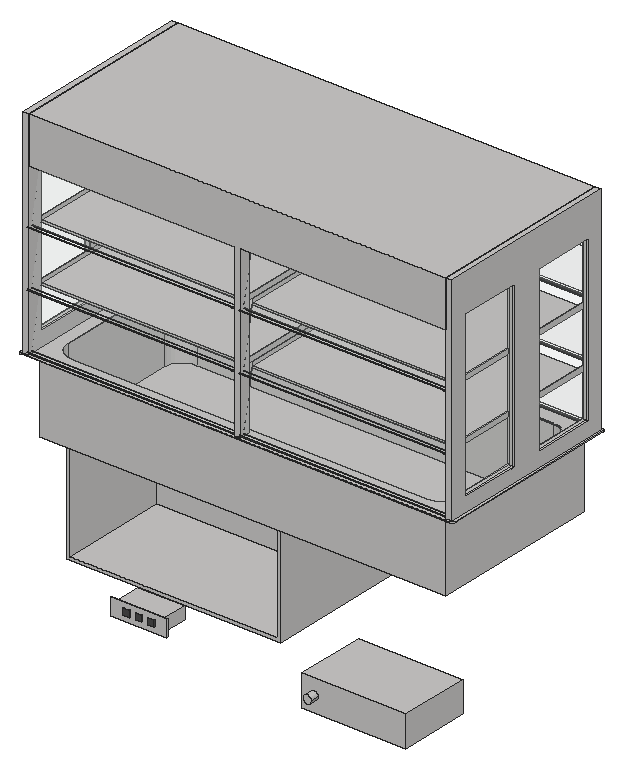
Revit family "QF_ELECTROLUXPROFESSIONAL_341078_D19C4", category Specialty Equipment, Revit 2018
Family settings
  Round Connector Dimension = Use Diameter
  Part Type = Normal
  Work Plane-Based = No
  Always vertical = Yes
  Cut with Voids When Loaded = No
  Shared = No
  Room Calculation Point = No
Parameters (values of type "341078.rfa")
  Weight = 0.00 kg
  Watts = 0 W
  Volts = 0 V
  URL Manufacturer = ""
  URL = ""
  Steam Supply Size = 0 mm
  Steam Supply Minimum Pressure = 0.0 Pa
  Steam Supply Maximum Pressure = 0.0 Pa
  Steam Pounds per Hour = 0
  Show Clearance [instance] = yes
  Remote Electrical Box_Z [instance] = 200.00 mm
  Remote Electrical Box_Y [instance] = 500.00 mm
  Remote Electrical Box_X [instance] = 1000.00 mm
  Refrigeration Suction Line Size = 0 mm
  Refrigeration Liquid Line Size = 0 mm
  Refrigerant Compressor Remote = yes
  Manufacturer = ""
  Phase = 0
  Model = ""
  Length Actual = 1420.00 mm  # constant formula
  Item Number = ""
  Hot Water Size = 0 mm
  Height Actual = 1230.00 mm  # constant formula
  HP = "0 HP"
  Gas Size = 0 mm
  Gas KW = 0
  Gas Input Pressure = 0 W
  Direct Waste Size = 25.4 mm
  Description = ""
  Depth Actual = 620.00 mm  # constant formula
  Cycle = 0 Hz
  Controller_Y [instance] = 500.00 mm
  Controller_1Z [instance] = 200.00 mm
  Controller_1X [instance] = 300.00 mm
  Condensate Return Size = 0 mm
  Compressed Air Volume = 0.0 L/s
  Compressed Air Size = 0 mm
  Compressed Air Pressure = 0.0 Pa
  Cold Water Size = 0 mm
  Accessory = yes
Types (2, lengths in mm): name | Volts | URL Manufacturer | URL | Manufacturer | Phase | Model | Item Number | Description | Cycle
  341078.rfa | 0 V | "" | "" | "" | 0 | "" | "" | "" | 0 Hz
  Standard | 220 V | "http://professional.electrolux.com" | "http://professional.electrolux.com" | "Electrolux Professional" | 1 | "D19C4" | "341078" | "DROP-IN REFRIGERATED WELL WITH REFRIGERATED DISPLAY, COMPACT 4GN" | 50 Hz
Reference planes
  plane 1 "Centro (Fronte/Retro)": y = 74.737
  plane 2: z = 0
  plane 3 "BACK": y = 384.737
  plane 4 "FRONT": y = -235.263
  plane 5 "RIGHT": x = 195.731
  plane 6 "LEFT": x = -1224.269
  plane 7: x = -514.269
  plane 8 "TOP": z = 900
  plane 9: y = 354.737
  plane 10: y = -205.263
  plane 11: x = 148.531
  plane 12: x = -1177.069
  plane 13: y = 329.737
  plane 14: y = -180.263
  plane 15: x = -1154.269
  plane 16: x = 125.731
  plane 17: z = 898
  plane 18: z = 657
  plane 19: z = 660
  plane 20: z = 323
  plane 21: x = -354.269
  plane 22: y = 349.537
  plane 23: y = -200.063
  plane 24: x = -1099.269
  plane 25: x = -399.269
  plane 26: x = 50.731
  plane 27: y = 254.737
  plane 28 "1": y = 250.737
  plane 29: y = -195.263
  plane 30: y = 344.737
  plane 31: y = -115.263
  plane 32: y = -115.263
  plane 33: x = -924.269
  plane 34: x = -224.269
  plane 35: z = 200
  plane 36: z = 200
Forms (mm)
  Extrusion 1, solid, material "QF_Finishes_Stainless Steel"
    sketch origin (0, 0, 900) x (-1, 0, 0) y (0, -1, 0)
      loop
        line (-148.531, -354.737) -> (1177.069, -354.737) -> (1177.069, 205.263) -> (-148.531, 205.263) -> (-148.531, -354.737)
    from -2 to -243
  Extrusion 2, void
    sketch origin (0, 0, 900) x (-1, 0, 0) y (0, -1, 0)
      loop
        line (1154.269, -268.887) -> (1154.269, 119.413)
        arc (1154.269, 119.413) -> (1136.446, 162.44) -> (1093.419, 180.263) r 60.85
        line (1093.419, 180.263) -> (-69.731, 180.263)
        arc (-69.731, 180.263) -> (-109.329, 163.861) -> (-125.731, 124.263) r 56
        line (-125.731, 124.263) -> (-125.731, -273.737)
        arc (-125.731, -273.737) -> (-109.329, -313.335) -> (-69.731, -329.737) r 56
        line (-69.731, -329.737) -> (1093.419, -329.737)
        arc (1093.419, -329.737) -> (1136.446, -311.915) -> (1154.269, -268.887) r 60.85
    from 0 to -240
  Extrusion 3, solid, material "QF_Finishes_Stainless Steel"
    sketch origin (-613.539, -1058.533, 0) x (-1, 0, 0) y (0, 0, -1)
      loop
        line (485.73, -657) -> (485.73, -323) -> (-214.27, -323) -> (-214.27, -657) -> (-204.27, -657) -> (-204.27, -333) -> (475.73, -333) -> (475.73, -657) -> (485.73, -657)
    from -1403.27 to -863.27
  Extrusion 4, solid, material "QF_Finishes_Stainless Steel"
    sketch origin (232.311, 362.737, 0) x (0, -1, 0) y (0, 0, -1)
      loop
        line (204.2, -333) -> (84.2, -333) -> (84.2, -612) -> (204.2, -612) -> (204.2, -333)
    from -1319.58 to -643.58
  Extrusion 5, solid, material "QF_Finishes_Stainless Steel"
    sketch origin (0, 0, 900) x (-1, 0, 0) y (0, -1, 0)
      loop
        arc (1214.269, -384.737) -> (1221.34, -381.808) -> (1224.269, -374.737) r 10
        line (1224.269, -374.737) -> (1224.269, 225.263)
        arc (1224.269, 225.263) -> (1221.34, 232.334) -> (1214.269, 235.263) r 10
        line (1214.269, 235.263) -> (-185.731, 235.263)
        arc (-185.731, 235.263) -> (-192.802, 232.334) -> (-195.731, 225.263) r 10
        line (-195.731, 225.263) -> (-195.731, -374.737)
        arc (-195.731, -374.737) -> (-192.802, -381.808) -> (-185.731, -384.737) r 10
        line (-185.731, -384.737) -> (1214.269, -384.737)
      loop
        arc (1094.919, -329.737) -> (1136.885, -312.354) -> (1154.269, -270.387) r 59.35
        line (1154.269, -270.387) -> (1154.269, 120.913)
        arc (1154.269, 120.913) -> (1136.885, 162.88) -> (1094.919, 180.263) r 59.35
        line (1094.919, 180.263) -> (-69.731, 180.263)
        arc (-69.731, 180.263) -> (-109.329, 163.861) -> (-125.731, 124.263) r 56
        line (-125.731, 124.263) -> (-125.731, -273.737)
        arc (-125.731, -273.737) -> (-109.329, -313.335) -> (-69.731, -329.737) r 56
        line (-69.731, -329.737) -> (1094.919, -329.737)
    from 0 to -2
  Extrusion 6, solid, material "QF_Finishes_Stainless Steel"
    sketch origin (556.731, 362.737, 0) x (0, -1, 0) y (0, 0, -1)
      loop
        line (591.5, -1605) -> (591.5, -900) -> (-15.5, -900) -> (-15.5, -1605) -> (591.5, -1605)
      loop
        line (541.5, -1482.5) -> (541.5, -948) -> (338, -948) -> (338, -1482.5) -> (541.5, -1482.5)
      loop
        line (34.5, -948) -> (34.5, -1482.5) -> (238, -1482.5) -> (238, -948) -> (34.5, -948)
    from -389.5 to -369.5
  Extrusion 7, solid, material "QF_Finishes_Stainless Steel"
    sketch origin (-1585.269, 362.737, 0) x (0, -1, 0) y (0, 0, 1)
      loop
        line (591.5, 1605) -> (-15.5, 1605) -> (-15.5, 900) -> (591.5, 900) -> (591.5, 1605)
      loop
        line (541.5, 1482.5) -> (338, 1482.5) -> (338, 948) -> (541.5, 948) -> (541.5, 1482.5)
      loop
        line (34.5, 948) -> (238, 948) -> (238, 1482.5) -> (34.5, 1482.5) -> (34.5, 948)
    from -389.5 to -369.5
  Extrusion 8, solid, material "QF_Finishes_Stainless Steel"
    sketch origin (374.924, -231.263, 456) x (0, 0, 1) y (-1, 0, 0)
      loop
        line (1146.5, 1570.693) -> (996.5, 1570.693) -> (996.5, 207.693) -> (1146.5, 207.693) -> (1146.5, 1570.693)
    from -2.5 to -26
  Extrusion 9, solid, material "QF_Finishes_Stainless Steel"
    sketch origin (374.924, 380.737, 456) x (0, 0, 1) y (1, 0, 0)
      loop
        line (1146.5, -1570.693) -> (1146.5, -207.693) -> (996.5, -207.693) -> (996.5, -1570.693) -> (1146.5, -1570.693)
    from -2.5 to -26
  Extrusion 10, solid, material "QF_Finishes_Stainless Steel"
    sketch origin (556.731, -228.763, 1605) x (0, 1, 0) y (-1, 0, 0)
      loop
        line (0, 389.5) -> (607, 389.5) -> (607, 1752.5) -> (0, 1752.5) -> (0, 389.5)
    from 0 to -19.383
  Extrusion 11, solid, material "QF_Finishes_Stainless Steel"
    sketch origin (374.924, -231.263, 456) x (0, 0, 1) y (-1, 0, 0)
      loop
        line (812.34, 1570.693) -> (792.34, 1570.693) -> (792.34, 207.693) -> (812.34, 207.693) -> (812.34, 1570.693)
    from -326 to -286
  Extrusion 12, solid, material "QF_Finishes_Stainless Steel"
    sketch origin (374.924, -231.263, 271.84) x (0, 0, 1) y (-1, 0, 0)
      loop
        line (812.34, 1570.693) -> (792.34, 1570.693) -> (792.34, 207.693) -> (812.34, 207.693) -> (812.34, 1570.693)
    from -326 to -286
  Extrusion 13, solid, material "QF_Finishes_Glass"
    sketch origin (187.231, 362.737, 0) x (0, -1, 0) y (0, 0, -1)
      loop
        line (598, -907.281) -> (593, -902.281)
        arc (593, -902.281) -> (585.39, -900.348) -> (580.06, -906.114) r 7.678
        line (580.06, -906.114) -> (542.211, -1084.18) -> (545.278, -1084.18) -> (582.994, -906.737)
        arc (582.994, -906.737) -> (586.242, -903.224) -> (590.878, -904.402) r 4.678
        line (590.878, -904.402) -> (595.879, -909.402) -> (598, -907.281)
    from -691.5 to -20
  Extrusion 14, solid, material "QF_Finishes_Glass"
    sketch origin (187.231, 362.737, 184.148) x (0, -1, 0) y (0, 0, -1)
      loop
        line (598, -907.281) -> (593, -902.281)
        arc (593, -902.281) -> (585.39, -900.348) -> (580.06, -906.114) r 7.678
        line (580.06, -906.114) -> (542.211, -1084.18) -> (545.278, -1084.18) -> (582.994, -906.737)
        arc (582.994, -906.737) -> (586.242, -903.224) -> (590.878, -904.402) r 4.678
        line (590.878, -904.402) -> (595.879, -909.402) -> (598, -907.281)
    from -691.5 to -20
  Extrusion 15, solid, material "QF_Finishes_Glass"
    sketch origin (187.231, 362.737, 368.308) x (0, -1, 0) y (0, 0, -1)
      loop
        line (598, -907.281) -> (593, -902.281)
        arc (593, -902.281) -> (585.39, -900.348) -> (580.06, -906.114) r 7.678
        line (580.06, -906.114) -> (542.211, -1084.18) -> (545.278, -1084.18) -> (582.994, -906.737)
        arc (582.994, -906.737) -> (586.242, -903.224) -> (590.878, -904.402) r 4.678
        line (590.878, -904.402) -> (595.879, -909.402) -> (598, -907.281)
    from -691.5 to -20
  Extrusion 16, solid, material "QF_Finishes_Glass"
    sketch origin (187.231, -213.263, 0) x (0, 1, 0) y (0, 0, 1)
      loop
        line (598, 907.281) -> (595.879, 909.402) -> (590.878, 904.402)
        arc (590.878, 904.402) -> (586.242, 903.224) -> (582.994, 906.737) r 4.678
        line (582.994, 906.737) -> (545.278, 1084.18) -> (542.211, 1084.18) -> (580.06, 906.114)
        arc (580.06, 906.114) -> (585.39, 900.348) -> (593, 902.281) r 7.678
        line (593, 902.281) -> (598, 907.281)
    from -691.5 to -20
  Extrusion 17, solid, material "QF_Finishes_Glass"
    sketch origin (187.231, -213.263, 184.148) x (0, 1, 0) y (0, 0, 1)
      loop
        line (598, 907.281) -> (595.879, 909.402) -> (590.878, 904.402)
        arc (590.878, 904.402) -> (586.242, 903.224) -> (582.994, 906.737) r 4.678
        line (582.994, 906.737) -> (545.278, 1084.18) -> (542.211, 1084.18) -> (580.06, 906.114)
        arc (580.06, 906.114) -> (585.39, 900.348) -> (593, 902.281) r 7.678
        line (593, 902.281) -> (598, 907.281)
    from -691.5 to -20
  Extrusion 18, solid, material "QF_Finishes_Glass"
    sketch origin (187.231, -213.263, 368.308) x (0, 1, 0) y (0, 0, 1)
      loop
        line (598, 909.781) -> (595.879, 911.902) -> (590.878, 906.902)
        arc (590.878, 906.902) -> (586.242, 905.724) -> (582.994, 909.237) r 4.678
        line (582.994, 909.237) -> (545.278, 1084.18) -> (542.211, 1084.18) -> (580.06, 908.614)
        arc (580.06, 908.614) -> (585.39, 902.848) -> (593, 904.781) r 7.678
        line (593, 904.781) -> (598, 909.781)
    from -691.5 to -20
  Extrusion 19, solid, material "QF_Finishes_Stainless Steel"
    sketch origin (0, -6.5, 900) x (-1, 0, 0) y (0, -1, 0)
      loop
        line (524.269, -384.737) -> (524.269, -349.537) -> (504.269, -349.537) -> (504.269, -384.737) -> (524.269, -384.737)
    from 0 to 683.117
  Extrusion 20, solid, material "QF_Finishes_Glass"
    sketch origin (-1077.576, 362.737, 0) x (0, -1, 0) y (0, 0, 1)
      loop
        line (598, 907.281) -> (595.879, 909.402) -> (590.878, 904.402)
        arc (590.878, 904.402) -> (586.242, 903.224) -> (582.994, 906.737) r 4.678
        line (582.994, 906.737) -> (545.278, 1084.18) -> (542.211, 1084.18) -> (580.06, 906.114)
        arc (580.06, 906.114) -> (585.39, 900.348) -> (593, 902.281) r 7.678
        line (593, 902.281) -> (598, 907.281)
    from -553.307 to 118.193
  Extrusion 21, solid, material "QF_Finishes_Glass"
    sketch origin (-1077.576, 362.737, 184.148) x (0, -1, 0) y (0, 0, 1)
      loop
        line (598, 907.281) -> (595.879, 909.402) -> (590.878, 904.402)
        arc (590.878, 904.402) -> (586.242, 903.224) -> (582.994, 906.737) r 4.678
        line (582.994, 906.737) -> (545.278, 1084.18) -> (542.211, 1084.18) -> (580.06, 906.114)
        arc (580.06, 906.114) -> (585.39, 900.348) -> (593, 902.281) r 7.678
        line (593, 902.281) -> (598, 907.281)
    from -553.307 to 118.193
  Extrusion 22, solid, material "QF_Finishes_Glass"
    sketch origin (-1077.576, 362.737, 368.308) x (0, -1, 0) y (0, 0, 1)
      loop
        line (598, 907.281) -> (595.879, 909.402) -> (590.878, 904.402)
        arc (590.878, 904.402) -> (586.242, 903.224) -> (582.994, 906.737) r 4.678
        line (582.994, 906.737) -> (545.278, 1084.18) -> (542.211, 1084.18) -> (580.06, 906.114)
        arc (580.06, 906.114) -> (585.39, 900.348) -> (593, 902.281) r 7.678
        line (593, 902.281) -> (598, 907.281)
    from -553.307 to 118.193
  Extrusion 23, solid, material "QF_Finishes_Glass"
    sketch origin (-1077.576, -213.263, 0) x (0, 1, 0) y (0, 0, -1)
      loop
        line (598, -907.281) -> (593, -902.281)
        arc (593, -902.281) -> (585.39, -900.348) -> (580.06, -906.114) r 7.678
        line (580.06, -906.114) -> (542.211, -1084.18) -> (545.278, -1084.18) -> (582.994, -906.737)
        arc (582.994, -906.737) -> (586.242, -903.224) -> (590.878, -904.402) r 4.678
        line (590.878, -904.402) -> (595.879, -909.402) -> (598, -907.281)
    from -553.307 to 118.193
  Extrusion 24, solid, material "QF_Finishes_Glass"
    sketch origin (-1077.576, -213.263, 184.148) x (0, 1, 0) y (0, 0, -1)
      loop
        line (598, -907.281) -> (593, -902.281)
        arc (593, -902.281) -> (585.39, -900.348) -> (580.06, -906.114) r 7.678
        line (580.06, -906.114) -> (542.211, -1084.18) -> (545.278, -1084.18) -> (582.994, -906.737)
        arc (582.994, -906.737) -> (586.242, -903.224) -> (590.878, -904.402) r 4.678
        line (590.878, -904.402) -> (595.879, -909.402) -> (598, -907.281)
    from -553.307 to 118.193
  Extrusion 25, solid, material "QF_Finishes_Glass"
    sketch origin (-1077.576, -213.263, 368.308) x (0, 1, 0) y (0, 0, -1)
      loop
        line (598, -907.281) -> (593, -902.281)
        arc (593, -902.281) -> (585.39, -900.348) -> (580.06, -906.114) r 7.678
        line (580.06, -906.114) -> (542.211, -1084.18) -> (545.278, -1084.18) -> (582.994, -906.737)
        arc (582.994, -906.737) -> (586.242, -903.224) -> (590.878, -904.402) r 4.678
        line (590.878, -904.402) -> (595.879, -909.402) -> (598, -907.281)
    from -553.307 to 118.193
  Extrusion 26, solid, material "QF_Finishes_Stainless Steel"
    sketch origin (0, 155.974, 900) x (-1, 0, 0) y (0, -1, 0)
      loop
        line (524.269, 384.737) -> (504.269, 384.737) -> (504.269, 349.537) -> (524.269, 349.537) -> (524.269, 384.737)
    from 0 to 683.117
  Sweep 27, solid, material "QF_Finishes_Stainless Steel"
    path origin (-241, 250.737, 0) x (-1, 0, 0) y (0, 0, 1)
      loop
        line (-50.731, 657) -> (-50.731, 627) -> (-98.731, 627)
    profile origin (-190.269, 250.737, 642) x (0, 1, 0) y (-1, 0, 0)
      loop
        circle (0, 0) r 18
  Extrusion 28, solid, material "QF_Finishes_Glass"
    sketch origin (182.231, 362.737, 0) x (0, -1, 0) y (0, 0, -1)
      loop
        line (541.5, -1482.5) -> (541.5, -948) -> (338, -948) -> (338, -1482.5) -> (541.5, -1482.5)
      loop
        line (238, -1482.5) -> (238, -948) -> (34.5, -948) -> (34.5, -1482.5) -> (238, -1482.5)
    from 0 to -10
  Extrusion 29, solid, material "QF_Finishes_Glass"
    sketch origin (-1210.769, 362.737, 0) x (0, -1, 0) y (0, 0, 1)
      loop
        line (541.5, 1482.5) -> (338, 1482.5) -> (338, 948) -> (541.5, 948) -> (541.5, 1482.5)
      loop
        line (238, 1482.5) -> (34.5, 1482.5) -> (34.5, 948) -> (238, 948) -> (238, 1482.5)
    from 0 to -10
  Extrusion 30, solid, material "QF_Finishes_Stainless Steel"
    sketch origin (-1546.256, -231.263, 456) x (0, 0, 1) y (-1, 0, 0)
      loop
        line (812.34, -350.488) -> (812.34, -1021.988) -> (829.184, -1021.988) -> (829.184, -1019.5) -> (817.34, -1019.5) -> (817.34, -352.981) -> (829.172, -352.981) -> (829.172, -350.488) -> (812.34, -350.488)
    from -561 to -51
  Extrusion 31, solid, material "QF_Finishes_Stainless Steel"
    sketch origin (-1546.256, -231.263, 271.852) x (0, 0, 1) y (-1, 0, 0)
      loop
        line (812.34, -350.488) -> (812.34, -1021.988) -> (829.184, -1021.988) -> (829.184, -1019.5) -> (817.34, -1019.5) -> (817.34, -352.981) -> (829.172, -352.981) -> (829.172, -350.488) -> (812.34, -350.488)
    from -561 to -51
  Extrusion 32, solid, material "QF_Finishes_Stainless Steel"
    sketch origin (517.719, -231.263, 456) x (0, 0, 1) y (-1, 0, 0)
      loop
        line (812.34, 350.488) -> (829.172, 350.488) -> (829.172, 352.981) -> (817.34, 352.981) -> (817.34, 1019.5) -> (829.184, 1019.5) -> (829.184, 1021.988) -> (812.34, 1021.988) -> (812.34, 350.488)
    from -561 to -51
  Extrusion 33, solid, material "QF_Finishes_Stainless Steel"
    sketch origin (517.719, -231.263, 271.852) x (0, 0, 1) y (-1, 0, 0)
      loop
        line (812.34, 350.488) -> (829.172, 350.488) -> (829.172, 352.981) -> (817.34, 352.981) -> (817.34, 1019.5) -> (829.184, 1019.5) -> (829.184, 1021.988) -> (812.34, 1021.988) -> (812.34, 350.488)
    from -561 to -51
Cuts and joins
  Extrusion 2 cuts Extrusion 1
  joined: Extrusion 8, Extrusion 9, Extrusion 10, Extrusion 19, Extrusion 26
Lines and regions (mm)
  symbolic lines
    curve 1: line (185.731, 384.737, 900) -> (-1214.269, 384.737, 900)
    curve 2: arc (-1214.269, 384.737, 900) -> (-1221.34, 381.808, 900) -> (-1224.269, 374.737, 900) r 10
    curve 3: line (-1224.269, 374.737, 900) -> (-1224.269, -225.263, 900)
    curve 4: arc (-1224.269, -225.263, 900) -> (-1221.34, -232.334, 900) -> (-1214.269, -235.263, 900) r 10
    curve 5: line (-1214.269, -235.263, 900) -> (185.731, -235.263, 900)
    curve 6: arc (185.731, -235.263, 900) -> (192.802, -232.334, 900) -> (195.731, -225.263, 900) r 10
    curve 7: line (195.731, -225.263, 900) -> (195.731, 374.737, 900)
    curve 8: arc (195.731, 374.737, 900) -> (192.802, 381.808, 900) -> (185.731, 384.737, 900) r 10
    curve 9: line (-1215.769, 378.237, 900) -> (-1195.769, 378.237, 900)
    curve 10: line (-1215.769, -228.763, 900) -> (-1215.769, 378.237, 900)
    curve 11: line (167.231, -228.763, 900) -> (-1215.769, -228.763, 900)
    curve 12: line (187.231, -228.763, 900) -> (167.231, -228.763, 900)
    curve 13: line (187.231, 378.237, 900) -> (187.231, -228.763, 900)
    curve 14: line (-1195.769, 378.237, 900) -> (187.231, 378.237, 900)
    curve 15: line (-1195.769, -228.763, 900) -> (-1195.769, 384.737, 900)
    curve 16: line (-1195.769, 382.616, 900) -> (-524.269, 382.616, 900)
    curve 17: line (-504.269, 382.616, 900) -> (167.231, 382.616, 900)
    curve 18: line (167.231, 378.237, 900) -> (167.231, 384.737, 900)
    curve 19: line (-524.269, 384.737, 900) -> (-524.269, 378.237, 900)
    curve 20: line (-504.269, 384.737, 900) -> (-504.269, 378.237, 900)
    curve 21: line (-1195.769, -228.763, 900) -> (-1195.769, -235.263, 900)
    curve 22: line (-1195.769, -233.142, 900) -> (-524.269, -233.142, 900)
    curve 23: line (-504.269, -233.142, 900) -> (167.231, -233.142, 900)
    curve 24: line (167.231, 378.237, 900) -> (167.231, -235.263, 900)
    curve 25: line (-524.269, -235.263, 900) -> (-524.269, -228.763, 900)
    curve 26: line (-504.269, -235.263, 900) -> (-504.269, -228.763, 900)
  symbolic lines, style "SpecialityEquipmentHiddenLines"
    curve 27: line (-1195.769, 124.737, 900) -> (-1215.769, 124.737, 900)
    curve 28: line (-1215.769, 24.737, 900) -> (-1195.769, 24.737, 900)
    curve 29: line (-1195.769, -178.763, 900) -> (-1215.769, -178.763, 900)
    curve 30: line (-1200.769, -178.763, 900) -> (-1200.769, 24.737, 900)
    curve 31: line (-1210.769, 24.737, 900) -> (-1210.769, -178.763, 900)
    curve 32: line (-1210.769, 328.237, 900) -> (-1210.769, 124.737, 900)
    curve 33: line (-1200.769, 124.737, 900) -> (-1200.769, 328.237, 900)
    curve 34: line (-1177.069, 354.737, 900) -> (-1177.069, -205.263, 900)
    curve 35: line (-1177.069, -205.263, 900) -> (148.531, -205.263, 900)
    curve 36: line (148.531, -205.263, 900) -> (148.531, 354.737, 900)
    curve 37: line (148.531, 354.737, 900) -> (-1177.069, 354.737, 900)
    curve 38: line (-399.269, -195.263, 900) -> (-399.269, 344.737, 900)
    curve 39: line (-399.269, 344.737, 900) -> (-1099.269, 344.737, 900)
    curve 40: line (-1099.269, 344.737, 900) -> (-1099.269, -195.263, 900)
    curve 41: line (-1099.269, -195.263, 900) -> (-399.269, -195.263, 900)
    curve 42: line (-1195.769, -228.763, 900) -> (167.231, -228.763, 900)
    curve 43: line (-504.269, -193.563, 900) -> (-524.269, -193.563, 900)
    curve 44: line (-504.269, -228.763, 900) -> (-504.269, -193.563, 900)
    curve 45: line (-1195.769, -228.763, 900) -> (167.231, -228.763, 900)
    curve 46: line (-524.269, 343.037, 900) -> (-504.269, 343.037, 900)
    curve 47: line (167.231, 378.237, 900) -> (-1195.769, 378.237, 900)
    curve 48: line (-504.269, 343.037, 900) -> (-504.269, 378.237, 900)
    curve 49: line (-524.269, 378.237, 900) -> (-524.269, 343.037, 900)
    curve 50: line (-524.269, -193.563, 900) -> (-524.269, -228.763, 900)
    curve 51: line (-504.269, -182.541, 900) -> (167.231, -182.541, 900)
    curve 52: line (-504.269, -179.474, 900) -> (167.231, -179.474, 900)
    curve 53: line (167.231, 328.948, 900) -> (-504.269, 328.948, 900)
    curve 54: line (167.231, 332.015, 900) -> (-504.269, 332.015, 900)
    curve 55: line (-1215.769, 328.237, 0) -> (-1195.769, 328.237, 0)
    curve 56: line (-504.269, 332.015, 0) -> (-504.269, 343.037, 0)
    curve 57: line (-1195.769, 328.948, 900) -> (-524.269, 328.948, 900)
    curve 58: line (-1195.769, 332.015, 900) -> (-524.269, 332.015, 900)
    curve 59: line (-524.269, 332.015, 0) -> (-524.269, 343.037, 0)
    curve 60: line (-504.269, 328.948, 0) -> (-504.269, -179.474, 0)
    curve 61: line (-524.269, 328.948, 0) -> (-524.269, -179.474, 0)
    curve 62: line (-504.269, -182.541, 0) -> (-504.269, -193.563, 0)
    curve 63: line (-524.269, -182.541, 900) -> (-1195.769, -182.541, 900)
    curve 64: line (-524.269, -179.474, 900) -> (-1195.769, -179.474, 900)
    curve 65: line (-524.269, -182.541, 0) -> (-524.269, -193.563, 0)
    curve 66: line (167.231, 124.737, 900) -> (187.231, 124.737, 900)
    curve 67: line (187.231, 24.737, 900) -> (167.231, 24.737, 900)
    curve 68: line (167.231, -178.763, 900) -> (187.231, -178.763, 900)
    curve 69: line (172.231, -178.763, 900) -> (172.231, 24.737, 900)
    curve 70: line (182.231, 24.737, 900) -> (182.231, -178.763, 900)
    curve 71: line (182.231, 328.237, 900) -> (182.231, 124.737, 900)
    curve 72: line (172.231, 124.737, 900) -> (172.231, 328.237, 900)
    curve 73: line (187.231, 328.237, 0) -> (167.231, 328.237, 0)
Dimensions and locks
  plane 6 "LEFT" to plane 5 "RIGHT" = 1420.00 mm
  equal spacing: plane 3 "BACK", plane 1 "Centro (Fronte/Retro)", plane 4 "FRONT"
  plane 3 "BACK" to plane 4 "FRONT" = 620.00 mm
  equal spacing: plane 6 "LEFT", plane 7, plane 5 "RIGHT"
  locked: plane 8 "TOP" to plane 2 at 900
  plane 6 "LEFT" to plane 12 = 47.20 mm
  plane 11 to plane 5 "RIGHT" = 47.20 mm
  locked: plane 3 "BACK" to plane 9 at 30
  locked: plane 10 to plane 4 "FRONT" at 30
  locked: plane 3 "BACK" to plane 13 at 55
  locked: plane 14 to plane 4 "FRONT" at 55
  locked: plane 6 "LEFT" to plane 15 at 70
  locked: plane 16 to plane 5 "RIGHT" at 70
  locked: plane 8 "TOP" to plane 17 at 2
  plane 8 "TOP" to plane 18 = 243.00 mm
  locked: plane 19 to plane 18 at 3
  plane 8 "TOP" to plane 20 = 577.00 mm
  plane 25 to plane 24 = 700.00 mm
  plane 26 to plane 5 "RIGHT" = 145.00 mm
  locked: plane 13 to plane 27 at 75
  locked: plane 24 to Extrusion 4 at 12
  locked: plane 25 to Extrusion 4 at 12
  plane 24 to plane 6 "LEFT" = 125.00 mm
  cut or joined group of Extrusion 8, Extrusion 9, Extrusion 10, Extrusion 19, Extrusion 26 to plane 8 "TOP" = 705.00 mm
  equal spacing: plane 29, plane 1 "Centro (Fronte/Retro)", plane 30
  plane 29 to plane 30 = 540.00 mm
  "Controller_1X": plane 6 "LEFT" to plane 33
  "Remote Electrical Box_X": plane 6 "LEFT" to plane 34
  "Remote Electrical Box_Y": plane 3 "BACK" to plane 32
  "Controller_Y": plane 3 "BACK" to plane 31
  "Controller_1Z": plane 35 to plane 2
  "Remote Electrical Box_Z": plane 36 to plane 2
  aligned and locked: level to plane 2
  aligned and locked: Extrusion 1 sketch curve to plane 9
  aligned and locked: plane 11 to Extrusion 1 sketch curve
  aligned and locked: Extrusion 1 sketch curve to plane 10
  aligned and locked: Extrusion 1 sketch curve to plane 12
  aligned and locked: Extrusion 1 to plane 18
  aligned and locked: Extrusion 2 to plane 19
  aligned and locked: plane 6 "LEFT" to Extrusion 5 sketch curve
  aligned and locked: Extrusion 5 sketch curve to plane 3 "BACK"
  aligned and locked: Extrusion 5 sketch curve to plane 5 "RIGHT"
  aligned and locked: plane 4 "FRONT" to Extrusion 5 sketch curve
  aligned and locked: Extrusion 5 sketch curve to plane 16
  aligned and locked: Extrusion 5 sketch curve to plane 13
  aligned and locked: plane 15 to Extrusion 5 sketch curve
  aligned and locked: Extrusion 5 sketch curve to plane 14
  aligned and locked: Extrusion 5 to plane 17
  aligned and locked: Extrusion 12 to Extrusion 7
  aligned and locked: Extrusion 3 sketch curve to plane 24
  aligned and locked: plane 25 to Extrusion 3 sketch curve
  aligned and locked: Extrusion 3 to plane 29
  aligned and locked: plane 30 to Extrusion 3
  aligned and locked: nested 1 to plane 33
  aligned and locked: nested 2 to plane 34
  aligned and locked: plane 31 to nested 1
  aligned and locked: plane 32 to nested 2
  aligned and locked: plane 36 to nested 2
  aligned and locked: nested 1 to plane 35
Automatic sketch dimensions
  curve 55 to plane 13 = 1.50 mm
  plane 6 "LEFT" to curve 55 = 8.50 mm
  curve 55 to plane 12 = 18.70 mm
  plane 29 to curve 65 = 1.70 mm
  curve 65 to plane 7 = 10.00 mm
  plane 13 to curve 59 = 2.278 mm
  curve 59 to plane 7 = 10.00 mm
  plane 14 to curve 61 = 0.789 mm
  curve 61 to curve 65 = 0.00 mm
  curve 60 to plane 13 = 0.789 mm
  plane 7 to curve 60 = 10.00 mm
  curve 62 to curve 60 = 0.00 mm
  curve 56 to plane 30 = 1.70 mm
  plane 7 to curve 56 = 10.00 mm
  curve 73 to plane 13 = 1.50 mm
  plane 11 to curve 73 = 18.70 mm
  curve 73 to plane 5 "RIGHT" = 8.50 mm
  plane 14 to curve 60 = 0.789 mm
  curve 65 to plane 14 = 2.278 mm
  curve 62 to plane 14 = 2.278 mm
  plane 29 to curve 62 = 1.70 mm
  curve 61 to plane 13 = 0.789 mm
  plane 13 to curve 56 = 2.278 mm
  curve 59 to plane 30 = 1.70 mm
  Extrusion 2 sketch curve to plane 16 = 0.00 mm
  plane 13 to Extrusion 2 sketch curve = 0.00 mm
  plane 14 to Extrusion 2 sketch curve = 0.00 mm
  Extrusion 2 sketch curve to plane 15 = 0.00 mm
  plane 26 to Extrusion 2 sketch curve = 19.00 mm  (x2)
  plane 24 to Extrusion 2 sketch curve = 5.85 mm  (x2)
  curve 7 to plane 5 "RIGHT" = 0.00 mm
  curve 6 to plane 4 "FRONT" = 0.00 mm
  curve 8 to plane 3 "BACK" = 0.00 mm
  plane 10 to curve 36 = 0.00 mm
  curve 36 to plane 11 = 0.00 mm
  curve 38 to plane 25 = 0.00 mm
  curve 41 to plane 24 = 0.00 mm
  curve 34 to plane 12 = 0.00 mm
  curve 3 to plane 6 "LEFT" = 0.00 mm
  plane 9 to curve 36 = 0.00 mm
  curve 38 to plane 30 = 0.00 mm
  curve 41 to plane 29 = 0.00 mm
  curve 14 to plane 5 "RIGHT" = 8.50 mm
  curve 12 to curve 6 = 1.50 mm
  curve 13 to curve 8 = 1.50 mm
  plane 4 "FRONT" to curve 11 = 6.50 mm
  plane 11 to curve 11 = 18.70 mm
  plane 29 to curve 43 = 1.70 mm
  plane 7 to curve 43 = 10.00 mm
  curve 46 to plane 30 = 1.70 mm
  plane 7 to curve 46 = 10.00 mm
  curve 49 to plane 7 = 10.00 mm
  curve 50 to plane 7 = 10.00 mm
  curve 14 to plane 3 "BACK" = 6.50 mm
  curve 14 to plane 12 = 18.70 mm
  plane 6 "LEFT" to curve 1 = 10.00 mm
  curve 4 to curve 3 = 10.00 mm
  curve 2 to curve 10 = 1.50 mm
  curve 67 to curve 70 = 5.00 mm
  curve 71 to plane 13 = 1.50 mm
  curve 71 to plane 5 "RIGHT" = 13.50 mm
  curve 72 to plane 13 = 1.50 mm
  curve 71 to curve 72 = 10.00 mm
  curve 70 to curve 69 = 10.00 mm
  plane 11 to curve 18 = 18.70 mm
  plane 14 to curve 68 = 1.50 mm
  curve 69 to curve 68 = 5.00 mm
  curve 47 to curve 18 = 0.00 mm
  plane 4 "FRONT" to curve 23 = 2.121 mm
  curve 23 to curve 44 = 0.00 mm
  plane 13 to curve 54 = 2.278 mm
  plane 7 to curve 54 = 10.00 mm
  curve 53 to plane 13 = 0.789 mm
  curve 53 to curve 54 = 0.00 mm
  plane 14 to curve 52 = 0.789 mm
  plane 7 to curve 52 = 10.00 mm
  curve 20 to curve 48 = 0.00 mm
  curve 51 to curve 52 = 0.00 mm
  curve 19 to curve 49 = 0.00 mm
  plane 14 to curve 64 = 0.789 mm
  curve 64 to plane 7 = 10.00 mm
  curve 63 to curve 64 = 0.00 mm
  plane 4 "FRONT" to curve 22 = 2.121 mm
  curve 22 to curve 50 = 0.00 mm
  curve 57 to plane 13 = 0.789 mm
  curve 57 to plane 7 = 10.00 mm
  curve 58 to curve 57 = 0.00 mm
  curve 64 to plane 12 = 18.70 mm
  curve 45 to curve 15 = 0.00 mm
  curve 42 to curve 15 = 0.00 mm
  curve 21 to curve 15 = 0.00 mm
  curve 27 to curve 33 = 5.00 mm
  plane 14 to curve 30 = 1.50 mm
  curve 29 to curve 30 = 5.00 mm
  curve 31 to curve 29 = 5.00 mm
  curve 32 to plane 13 = 1.50 mm
  curve 33 to curve 32 = 10.00 mm
  curve 15 to curve 16 = 2.121 mm
  curve 17 to plane 3 "BACK" = 2.121 mm
  plane 13 to curve 58 = 2.278 mm
  curve 33 to plane 13 = 1.50 mm
  curve 27 to plane 1 "Centro (Fronte/Retro)" = 50.00 mm
  curve 72 to plane 1 "Centro (Fronte/Retro)" = 50.00 mm
  plane 1 "Centro (Fronte/Retro)" to curve 31 = 50.00 mm
  plane 1 "Centro (Fronte/Retro)" to curve 70 = 50.00 mm
  curve 51 to plane 14 = 2.278 mm
  curve 63 to plane 14 = 2.278 mm
  Extrusion 3 sketch curve to plane 18 = 0.00 mm  (x2)
  Extrusion 3 sketch curve to plane 20 = 0.00 mm
  Extrusion 3 sketch curve to plane 25 = 10.00 mm
  Extrusion 3 sketch curve to Extrusion 3 sketch curve = 10.00 mm
  plane 20 to Extrusion 3 sketch curve = 10.00 mm
  plane 20 to Extrusion 4 sketch curve = 10.00 mm
  plane 27 to Extrusion 4 sketch curve = 23.80 mm
  Extrusion 4 sketch curve to plane 1 "Centro (Fronte/Retro)" = 83.80 mm
  Extrusion 4 sketch curve to plane 18 = 45.00 mm
  Extrusion 5 sketch curve to plane 5 "RIGHT" = 10.00 mm
  Extrusion 5 sketch curve to plane 3 "BACK" = 10.00 mm  (x2)
  plane 26 to Extrusion 5 sketch curve = 19.00 mm  (x2)
  plane 24 to Extrusion 5 sketch curve = 4.35 mm  (x2)
  plane 6 "LEFT" to Extrusion 5 sketch curve = 10.00 mm
  Extrusion 6 sketch curve to plane 8 "TOP" = 0.00 mm
  Extrusion 6 sketch curve to plane 3 "BACK" = 6.50 mm
  Extrusion 6 sketch curve to plane 13 = 1.50 mm
  Extrusion 6 sketch curve to plane 1 "Centro (Fronte/Retro)" = 50.00 mm
  plane 1 "Centro (Fronte/Retro)" to Extrusion 6 sketch curve = 50.00 mm
  plane 14 to Extrusion 6 sketch curve = 1.50 mm
  plane 4 "FRONT" to Extrusion 6 sketch curve = 6.50 mm
  plane 8 "TOP" to Extrusion 6 sketch curve = 48.00 mm  (x2)
  Extrusion 6 sketch curve to Extrusion 6 sketch curve = 534.50 mm
  Extrusion 6 sketch curve to Extrusion 6 sketch curve = 0.00 mm
  Extrusion 6 sketch curve to Extrusion 6 sketch curve = 122.50 mm
  Extrusion 7 sketch curve to plane 8 "TOP" = 0.00 mm
  Extrusion 7 sketch curve to plane 3 "BACK" = 6.50 mm
  Extrusion 7 sketch curve to plane 13 = 1.50 mm
  Extrusion 7 sketch curve to plane 1 "Centro (Fronte/Retro)" = 50.00 mm
  plane 1 "Centro (Fronte/Retro)" to Extrusion 7 sketch curve = 50.00 mm
  plane 14 to Extrusion 7 sketch curve = 1.50 mm
  plane 4 "FRONT" to Extrusion 7 sketch curve = 6.50 mm
  plane 8 "TOP" to Extrusion 7 sketch curve = 48.00 mm  (x2)
  Extrusion 7 sketch curve to Extrusion 7 sketch curve = 534.50 mm
  Extrusion 7 sketch curve to Extrusion 7 sketch curve = 0.00 mm
  Extrusion 7 sketch curve to Extrusion 7 sketch curve = 122.50 mm
  Extrusion 8 sketch curve to plane 12 = 18.70 mm
  plane 8 "TOP" to Extrusion 8 sketch curve = 552.50 mm
  Extrusion 8 sketch curve to Extrusion 8 sketch curve = 150.00 mm
  plane 11 to Extrusion 8 sketch curve = 18.70 mm
  Extrusion 9 sketch curve to plane 12 = 18.70 mm
  plane 8 "TOP" to Extrusion 9 sketch curve = 552.50 mm
  Extrusion 9 sketch curve to Extrusion 9 sketch curve = 150.00 mm
  plane 11 to Extrusion 9 sketch curve = 18.70 mm
  plane 4 "FRONT" to Extrusion 10 sketch curve = 6.50 mm
  Extrusion 10 sketch curve to plane 3 "BACK" = 6.50 mm
  plane 11 to Extrusion 10 sketch curve = 18.70 mm
  Extrusion 10 sketch curve to plane 12 = 18.70 mm
  Extrusion 11 sketch curve to plane 12 = 18.70 mm
  plane 8 "TOP" to Extrusion 11 sketch curve = 348.34 mm
  Extrusion 11 sketch curve to Extrusion 11 sketch curve = 20.00 mm
  plane 11 to Extrusion 11 sketch curve = 18.70 mm
  Extrusion 12 sketch curve to plane 12 = 18.70 mm
  plane 8 "TOP" to Extrusion 12 sketch curve = 164.18 mm
  Extrusion 12 sketch curve to Extrusion 12 sketch curve = 20.00 mm
  plane 11 to Extrusion 12 sketch curve = 18.70 mm
  Extrusion 13 sketch curve to Extrusion 13 sketch curve = 0.00 mm  (x2)
  Extrusion 13 sketch curve to Extrusion 6 = 0.711 mm
  Extrusion 13 sketch curve to Extrusion 13 sketch curve = 3.067 mm
  Extrusion 13 sketch curve to Extrusion 6 = 6.114 mm
  Extrusion 13 sketch curve to Extrusion 6 = 11.44 mm
  Extrusion 13 sketch curve to Extrusion 13 sketch curve = 2.934 mm
  Extrusion 13 sketch curve to Extrusion 6 = 3.93 mm
  Extrusion 13 sketch curve to Extrusion 6 = 0.622 mm
  Extrusion 6 to Extrusion 13 sketch curve = 1.50 mm
  Extrusion 6 to Extrusion 13 sketch curve = 4.379 mm
  Extrusion 13 sketch curve to Extrusion 13 sketch curve = 2.121 mm
  Extrusion 13 sketch curve to Extrusion 13 sketch curve = 0.624 mm
  Extrusion 13 sketch curve to Extrusion 6 = 7.281 mm
  Extrusion 6 to Extrusion 13 sketch curve = 136.18 mm
  Extrusion 14 sketch curve to Extrusion 14 sketch curve = 0.00 mm  (x2)
  Extrusion 14 sketch curve to Extrusion 6 = 0.711 mm
  Extrusion 14 sketch curve to Extrusion 14 sketch curve = 3.067 mm
  Extrusion 14 sketch curve to Extrusion 6 = 11.44 mm
  Extrusion 14 sketch curve to Extrusion 14 sketch curve = 2.934 mm
  Extrusion 14 sketch curve to Extrusion 6 = 3.93 mm
  Extrusion 14 sketch curve to Extrusion 6 = 0.622 mm
  Extrusion 6 to Extrusion 14 sketch curve = 1.50 mm
  Extrusion 6 to Extrusion 14 sketch curve = 4.379 mm
  Extrusion 14 sketch curve to Extrusion 14 sketch curve = 2.121 mm  (x2)
  Extrusion 6 to Extrusion 14 sketch curve = 214.172 mm
  Extrusion 14 sketch curve to Extrusion 14 sketch curve = 174.778 mm
  Extrusion 14 sketch curve to Extrusion 14 sketch curve = 1.692 mm
  Extrusion 15 sketch curve to Extrusion 15 sketch curve = 0.00 mm  (x2)
  Extrusion 15 sketch curve to Extrusion 6 = 0.711 mm
  Extrusion 15 sketch curve to Extrusion 15 sketch curve = 3.067 mm
  Extrusion 15 sketch curve to Extrusion 6 = 11.44 mm
  Extrusion 15 sketch curve to Extrusion 15 sketch curve = 2.934 mm
  Extrusion 15 sketch curve to Extrusion 6 = 3.93 mm
  Extrusion 15 sketch curve to Extrusion 6 = 0.622 mm
  Extrusion 6 to Extrusion 15 sketch curve = 1.50 mm
  Extrusion 6 to Extrusion 15 sketch curve = 4.379 mm
  Extrusion 15 sketch curve to Extrusion 15 sketch curve = 2.121 mm  (x2)
  Extrusion 6 to Extrusion 15 sketch curve = 30.012 mm
  Extrusion 15 sketch curve to Extrusion 15 sketch curve = 174.778 mm
  Extrusion 15 sketch curve to Extrusion 15 sketch curve = 1.692 mm
  Extrusion 16 sketch curve to Extrusion 16 sketch curve = 0.00 mm  (x2)
  Extrusion 16 sketch curve to Extrusion 6 = 0.711 mm
  Extrusion 16 sketch curve to Extrusion 16 sketch curve = 3.067 mm
  Extrusion 16 sketch curve to Extrusion 6 = 6.114 mm
  Extrusion 16 sketch curve to Extrusion 6 = 11.44 mm
  Extrusion 16 sketch curve to Extrusion 16 sketch curve = 2.934 mm
  Extrusion 16 sketch curve to Extrusion 6 = 3.93 mm
  Extrusion 16 sketch curve to Extrusion 6 = 0.622 mm
  Extrusion 6 to Extrusion 16 sketch curve = 1.50 mm
  Extrusion 6 to Extrusion 16 sketch curve = 4.379 mm
  Extrusion 16 sketch curve to Extrusion 16 sketch curve = 2.121 mm
  Extrusion 16 sketch curve to Extrusion 6 = 4.402 mm
  Extrusion 16 sketch curve to Extrusion 6 = 2.281 mm
  Extrusion 6 to Extrusion 16 sketch curve = 136.18 mm
  Extrusion 17 sketch curve to Extrusion 17 sketch curve = 0.00 mm  (x2)
  Extrusion 17 sketch curve to Extrusion 6 = 0.711 mm
  Extrusion 17 sketch curve to Extrusion 17 sketch curve = 3.067 mm
  Extrusion 17 sketch curve to Extrusion 6 = 11.44 mm
  Extrusion 17 sketch curve to Extrusion 17 sketch curve = 2.934 mm
  Extrusion 17 sketch curve to Extrusion 6 = 3.93 mm
  Extrusion 17 sketch curve to Extrusion 6 = 0.622 mm
  Extrusion 6 to Extrusion 17 sketch curve = 1.50 mm
  Extrusion 6 to Extrusion 17 sketch curve = 4.379 mm
  Extrusion 17 sketch curve to Extrusion 17 sketch curve = 2.121 mm  (x2)
  Extrusion 17 sketch curve to Extrusion 6 = 186.429 mm
  Extrusion 17 sketch curve to Extrusion 17 sketch curve = 1.712 mm
  Extrusion 17 sketch curve to Extrusion 17 sketch curve = 177.443 mm
  Extrusion 18 sketch curve to Extrusion 18 sketch curve = 0.00 mm  (x2)
  Extrusion 18 sketch curve to Extrusion 6 = 0.711 mm
  Extrusion 18 sketch curve to Extrusion 18 sketch curve = 3.067 mm
  Extrusion 18 sketch curve to Extrusion 6 = 11.44 mm
  Extrusion 18 sketch curve to Extrusion 18 sketch curve = 2.934 mm
  Extrusion 18 sketch curve to Extrusion 6 = 3.93 mm
  Extrusion 18 sketch curve to Extrusion 6 = 0.622 mm
  Extrusion 6 to Extrusion 18 sketch curve = 1.50 mm
  Extrusion 6 to Extrusion 18 sketch curve = 4.379 mm
  Extrusion 18 sketch curve to Extrusion 18 sketch curve = 2.121 mm  (x2)
  Extrusion 18 sketch curve to Extrusion 6 = 331.911 mm
  Extrusion 18 sketch curve to Extrusion 18 sketch curve = 1.712 mm
  Extrusion 6 to Extrusion 18 sketch curve = 30.012 mm
  plane 7 to Extrusion 19 sketch curve = 10.00 mm
  Extrusion 19 sketch curve to plane 30 = 1.70 mm
  Extrusion 19 sketch curve to plane 7 = 10.00 mm
  Extrusion 19 sketch curve to plane 3 "BACK" = 6.50 mm
  Extrusion 20 sketch curve to Extrusion 20 sketch curve = 0.00 mm  (x2)
  Extrusion 20 sketch curve to plane 4 "FRONT" = 0.00 mm
  plane 4 "FRONT" to Extrusion 20 sketch curve = 2.121 mm
  plane 8 "TOP" to Extrusion 20 sketch curve = 2.281 mm
  plane 4 "FRONT" to Extrusion 20 sketch curve = 5.00 mm
  plane 8 "TOP" to Extrusion 20 sketch curve = 4.402 mm
  Extrusion 20 sketch curve to Extrusion 20 sketch curve = 2.121 mm
  Extrusion 20 sketch curve to Extrusion 20 sketch curve = 3.308 mm
  plane 8 "TOP" to Extrusion 20 sketch curve = 6.737 mm
  Extrusion 20 sketch curve to Extrusion 20 sketch curve = 4.576 mm
  plane 8 "TOP" to Extrusion 20 sketch curve = 6.114 mm
  Extrusion 20 sketch curve to plane 14 = 2.278 mm
  plane 14 to Extrusion 20 sketch curve = 0.789 mm
  Extrusion 20 sketch curve to Extrusion 20 sketch curve = 177.443 mm
  Extrusion 21 sketch curve to Extrusion 21 sketch curve = 0.00 mm  (x2)
  Extrusion 21 sketch curve to plane 4 "FRONT" = 0.00 mm
  plane 4 "FRONT" to Extrusion 21 sketch curve = 2.121 mm
  plane 4 "FRONT" to Extrusion 21 sketch curve = 5.00 mm
  Extrusion 21 sketch curve to Extrusion 21 sketch curve = 2.121 mm  (x2)
  Extrusion 21 sketch curve to Extrusion 21 sketch curve = 3.308 mm
  Extrusion 21 sketch curve to Extrusion 21 sketch curve = 4.576 mm
  Extrusion 21 sketch curve to Extrusion 21 sketch curve = 2.934 mm
  Extrusion 21 sketch curve to plane 14 = 2.278 mm
  plane 14 to Extrusion 21 sketch curve = 0.789 mm
  plane 8 "TOP" to Extrusion 21 sketch curve = 186.429 mm
  Extrusion 21 sketch curve to Extrusion 21 sketch curve = 1.712 mm
  Extrusion 21 sketch curve to Extrusion 21 sketch curve = 177.443 mm
  Extrusion 22 sketch curve to Extrusion 22 sketch curve = 0.00 mm  (x2)
  Extrusion 22 sketch curve to plane 4 "FRONT" = 0.00 mm
  plane 4 "FRONT" to Extrusion 22 sketch curve = 2.121 mm
  plane 4 "FRONT" to Extrusion 22 sketch curve = 5.00 mm
  Extrusion 22 sketch curve to Extrusion 22 sketch curve = 2.121 mm  (x2)
  Extrusion 22 sketch curve to Extrusion 22 sketch curve = 3.308 mm
  Extrusion 22 sketch curve to Extrusion 22 sketch curve = 4.576 mm
  Extrusion 22 sketch curve to Extrusion 22 sketch curve = 2.934 mm
  Extrusion 22 sketch curve to plane 14 = 2.278 mm
  plane 14 to Extrusion 22 sketch curve = 0.789 mm
  plane 8 "TOP" to Extrusion 22 sketch curve = 370.589 mm
  Extrusion 22 sketch curve to Extrusion 22 sketch curve = 1.712 mm
  Extrusion 22 sketch curve to Extrusion 22 sketch curve = 177.443 mm
  Extrusion 23 sketch curve to Extrusion 23 sketch curve = 0.00 mm  (x2)
  Extrusion 23 sketch curve to plane 3 "BACK" = 0.00 mm
  Extrusion 23 sketch curve to plane 3 "BACK" = 2.121 mm
  plane 8 "TOP" to Extrusion 23 sketch curve = 2.281 mm
  Extrusion 23 sketch curve to plane 3 "BACK" = 5.00 mm
  plane 8 "TOP" to Extrusion 23 sketch curve = 4.402 mm
  Extrusion 23 sketch curve to Extrusion 23 sketch curve = 2.121 mm
  Extrusion 23 sketch curve to Extrusion 23 sketch curve = 3.308 mm
  plane 8 "TOP" to Extrusion 23 sketch curve = 6.737 mm
  Extrusion 23 sketch curve to Extrusion 23 sketch curve = 4.576 mm
  plane 8 "TOP" to Extrusion 23 sketch curve = 6.114 mm
  plane 13 to Extrusion 23 sketch curve = 2.278 mm
  Extrusion 23 sketch curve to plane 13 = 0.789 mm
  Extrusion 23 sketch curve to Extrusion 23 sketch curve = 177.443 mm
  Extrusion 24 sketch curve to Extrusion 24 sketch curve = 0.00 mm  (x2)
  Extrusion 24 sketch curve to plane 3 "BACK" = 0.00 mm
  Extrusion 24 sketch curve to plane 3 "BACK" = 2.121 mm
  Extrusion 24 sketch curve to plane 3 "BACK" = 5.00 mm
  Extrusion 24 sketch curve to Extrusion 24 sketch curve = 2.121 mm  (x2)
  Extrusion 24 sketch curve to Extrusion 24 sketch curve = 3.308 mm
  Extrusion 24 sketch curve to Extrusion 24 sketch curve = 4.576 mm
  Extrusion 24 sketch curve to Extrusion 24 sketch curve = 2.934 mm
  plane 13 to Extrusion 24 sketch curve = 2.278 mm
  Extrusion 24 sketch curve to plane 13 = 0.789 mm
  plane 8 "TOP" to Extrusion 24 sketch curve = 368.328 mm
  Extrusion 24 sketch curve to Extrusion 24 sketch curve = 174.778 mm
  Extrusion 24 sketch curve to Extrusion 24 sketch curve = 1.692 mm
  Extrusion 25 sketch curve to Extrusion 25 sketch curve = 0.00 mm  (x2)
  Extrusion 25 sketch curve to plane 3 "BACK" = 0.00 mm
  Extrusion 25 sketch curve to plane 3 "BACK" = 2.121 mm
  Extrusion 25 sketch curve to plane 3 "BACK" = 5.00 mm
  Extrusion 25 sketch curve to Extrusion 25 sketch curve = 2.121 mm  (x2)
  Extrusion 25 sketch curve to Extrusion 25 sketch curve = 3.308 mm
  Extrusion 25 sketch curve to Extrusion 25 sketch curve = 4.576 mm
  Extrusion 25 sketch curve to Extrusion 25 sketch curve = 2.934 mm
  plane 13 to Extrusion 25 sketch curve = 2.278 mm
  Extrusion 25 sketch curve to plane 13 = 0.789 mm
  plane 8 "TOP" to Extrusion 25 sketch curve = 552.488 mm
  Extrusion 25 sketch curve to Extrusion 25 sketch curve = 174.778 mm
  Extrusion 25 sketch curve to Extrusion 25 sketch curve = 1.692 mm
  plane 7 to Extrusion 26 sketch curve = 10.00 mm
  plane 29 to Extrusion 26 sketch curve = 1.70 mm
  Extrusion 26 sketch curve to plane 7 = 10.00 mm
  plane 4 "FRONT" to Extrusion 26 sketch curve = 6.50 mm
  Sweep 27 sketch curve to plane 18 = 0.00 mm
  Sweep 27 sketch curve to plane 18 = 30.00 mm
  plane 21 to Sweep 27 sketch curve = 164.00 mm
  Sweep 27 sketch curve to Sweep 27 sketch curve = 48.00 mm
  Sweep 27 sketch curve to plane 28 "1" = 0.00 mm
  Sweep 27 sketch curve to profile plane = 0.00 mm
  Extrusion 28 sketch curve to plane 13 = 1.50 mm
  Extrusion 28 sketch curve to plane 1 "Centro (Fronte/Retro)" = 50.00 mm
  plane 1 "Centro (Fronte/Retro)" to Extrusion 28 sketch curve = 50.00 mm
  plane 14 to Extrusion 28 sketch curve = 1.50 mm
  plane 8 "TOP" to Extrusion 28 sketch curve = 582.50 mm
  Extrusion 28 sketch curve to Extrusion 28 sketch curve = 0.00 mm
  plane 8 "TOP" to Extrusion 28 sketch curve = 48.00 mm  (x2)
  Extrusion 29 sketch curve to plane 13 = 1.50 mm
  Extrusion 29 sketch curve to plane 1 "Centro (Fronte/Retro)" = 50.00 mm
  plane 1 "Centro (Fronte/Retro)" to Extrusion 29 sketch curve = 50.00 mm
  plane 14 to Extrusion 29 sketch curve = 1.50 mm
  plane 8 "TOP" to Extrusion 29 sketch curve = 48.00 mm  (x2)
  Extrusion 29 sketch curve to Extrusion 29 sketch curve = 534.50 mm
  Extrusion 29 sketch curve to Extrusion 29 sketch curve = 0.00 mm
  Extrusion 30 sketch curve to plane 7 = 10.00 mm
  plane 8 "TOP" to Extrusion 30 sketch curve = 368.34 mm
  Extrusion 30 sketch curve to Extrusion 30 sketch curve = 5.00 mm
  Extrusion 30 sketch curve to Extrusion 30 sketch curve = 11.832 mm
  Extrusion 30 sketch curve to Extrusion 30 sketch curve = 11.844 mm
  Extrusion 30 sketch curve to Extrusion 30 sketch curve = 2.488 mm
  Extrusion 30 sketch curve to plane 12 = 16.207 mm
  Extrusion 30 sketch curve to Extrusion 30 sketch curve = 2.493 mm
  Extrusion 31 sketch curve to plane 7 = 10.00 mm
  plane 8 "TOP" to Extrusion 31 sketch curve = 184.192 mm
  Extrusion 31 sketch curve to Extrusion 31 sketch curve = 5.00 mm
  Extrusion 31 sketch curve to Extrusion 31 sketch curve = 11.832 mm
  Extrusion 31 sketch curve to Extrusion 31 sketch curve = 11.844 mm
  Extrusion 31 sketch curve to Extrusion 31 sketch curve = 2.488 mm
  Extrusion 31 sketch curve to plane 12 = 16.207 mm
  Extrusion 31 sketch curve to Extrusion 31 sketch curve = 2.493 mm
  plane 7 to Extrusion 32 sketch curve = 10.00 mm
  plane 8 "TOP" to Extrusion 32 sketch curve = 368.34 mm
  Extrusion 32 sketch curve to Extrusion 32 sketch curve = 5.00 mm
  Extrusion 32 sketch curve to Extrusion 32 sketch curve = 11.832 mm
  Extrusion 32 sketch curve to Extrusion 32 sketch curve = 11.844 mm
  Extrusion 32 sketch curve to Extrusion 32 sketch curve = 2.487 mm
  plane 11 to Extrusion 32 sketch curve = 16.207 mm
  Extrusion 32 sketch curve to Extrusion 32 sketch curve = 2.493 mm
  plane 7 to Extrusion 33 sketch curve = 10.00 mm
  plane 8 "TOP" to Extrusion 33 sketch curve = 184.192 mm
  Extrusion 33 sketch curve to Extrusion 33 sketch curve = 5.00 mm
  Extrusion 33 sketch curve to Extrusion 33 sketch curve = 11.832 mm
  Extrusion 33 sketch curve to Extrusion 33 sketch curve = 11.844 mm
  Extrusion 33 sketch curve to Extrusion 33 sketch curve = 2.487 mm
  plane 11 to Extrusion 33 sketch curve = 16.207 mm
  Extrusion 33 sketch curve to Extrusion 33 sketch curve = 2.493 mm
  radius of Sweep 27 sketch curve = 18.00 mm
Nested families
  nested 1: "Controller" at (-924.269, -115.263, 200), type "Controller"
  nested 2: "Remote_Electrical_Box" at (-224.269, -0.263, 100), type "Remote_Electrical_Box"
  nested 3: "Refrigerator" at (15.731, -110.263, 900), type "Refrigerator"
Connectors
  piping at (-142.269, 250.737, 627), diameter 36
    settings: on Sweep 27, index 1, connector inside diameter 609.6 mm, connector length 0.00 mm, flow factor 0, pipe flow 0.0 L/s, pressure drop 0.0 Pa, fitting loss kfactor 0, connector angle 0.00°, fixture units 0, engagement length 0.00 mm, angle of deflection 0.00°, flow configuration 1, flow direction 1, fitting loss method 0, system type 16, joint type 0, gender type 0, connector reference index -1, connector utility 0, adjustable connector no, is connector primary yes, connector description "Drain"
  electrical at (-354.269, -142.263, 149.381)
    settings: on nested 2, index 2, voltage 0 V, apparent load 0 VA, apparent load phase1 0 VA, apparent load phase2 0 VA, apparent load phase3 0 VA, power factor 1, load classification "Altro", number of poles 1, system type 14, power factor state 1, is connector primary yes, connector utility no, sub classification motor no, connector description ""
Definition of nested family "Controller"
  Reference planes
    plane 1 "Center (Front/Back)": y = 0
    plane 2: z = 0
    plane 3 "Center (Left/Right)": x = 0
  Forms (mm)
    Extrusion 1, solid
      sketch origin (0, 44.769, -48.2) x (1, 0, 0) y (0, 1, 0)
        loop
          line (-76, 43.231) -> (-76, -47.65) -> (76, -47.65) -> (76, 43.231) -> (-76, 43.231)
      from 6.2 to 48.2
    Extrusion 2, solid
      sketch origin (0, 44.769, -48.2) x (1, 0, 0) y (0, 0, 1)
        loop
          line (-92.25, 54.4) -> (-92.25, 0) -> (92.25, 0) -> (92.25, 54.4) -> (-92.25, 54.4)
        loop
          line (-76, 48.2) -> (-76, 6.2) -> (76, 6.2) -> (76, 48.2) -> (-76, 48.2)
      from 44.769 to 47.65
    Extrusion 3, solid
      sketch origin (76, -2.881, -48.2) x (-1, 0, 0) y (0, 0, -1)
        loop
          line (106, -37.2) -> (126, -37.2) -> (126, -17.2) -> (106, -17.2) -> (106, -37.2)
        loop
          line (66, -37.2) -> (86, -37.2) -> (86, -17.2) -> (66, -17.2) -> (66, -37.2)
        loop
          line (26, -37.2) -> (46, -37.2) -> (46, -17.2) -> (26, -17.2) -> (26, -37.2)
      from 0 to 2
    Extrusion 4, void
      sketch origin (0, 0, 0) x (1, 0, 0) y (0, 1, 0)
        loop
          line (76, 88) -> (-76, 88) -> (-76, 0) -> (76, 0) -> (76, 88)
      from 0 to -42
  Cuts and joins
    Extrusion 4 cuts Extrusion 2
    joined: Extrusion 1, Extrusion 2
  Lines and regions (mm)
    symbolic lines
      curve 1: line (-76, 88, 0) -> (-76, 0, 0)
      curve 2: line (76, 88, 0) -> (-76, 88, 0)
      curve 3: line (76, 0, 0) -> (76, 88, 0)
      curve 4: line (-92.25, -2.881, 0) -> (92.25, -2.881, 0)
      curve 5: line (-92.25, 0, 0) -> (-92.25, -2.881, 0)
      curve 6: line (92.25, 0, 0) -> (-92.25, 0, 0)
      curve 7: line (92.25, -2.881, 0) -> (92.25, 0, 0)
  Dimensions and locks
    aligned and locked: level to plane 2
Definition of nested family "Remote_Electrical_Box"
  Parameters (values of type "Remote_Electrical_Box")
    Default Elevation = 1219.20 mm
  Reference planes
    plane 1 "Center (Front/Back)": y = 0
    plane 2: z = 0
    plane 3 "Center (Left/Right)": x = 0
    plane 4: x = -170
    plane 5: x = 170
    plane 6: y = 115
    plane 7: y = -115
    plane 8: z = 100
    plane 9: z = 50
  Forms (mm)
    Extrusion 1, solid
      sketch origin (0, 0, 0) x (1, 0, 0) y (0, 1, 0)
        loop
          line (-170, 115) -> (-170, -115) -> (170, -115) -> (170, 115) -> (-170, 115)
      from 0 to 100
    Extrusion 2, solid
      sketch origin (0, 0, 0) x (1, 0, 0) y (0, 0, 1)
        loop
          circle (-130, 49.381) r 13
      from 115 to 142
  Lines and regions (mm)
    symbolic lines
      curve 1: line (-170, 115, 0) -> (170, 115, 0)
      curve 2: line (-170, -115, 0) -> (-170, 115, 0)
      curve 3: line (170, -115, 0) -> (-170, -115, 0)
      curve 4: line (170, 115, 0) -> (170, -115, 0)
      curve 5: line (-143, -142, 0) -> (-117, -142, 0)
      curve 6: line (-143, -142, 0) -> (-143, -115, 0)
      curve 7: line (-117, -142, 0) -> (-117, -115, 0)
  Dimensions and locks
    equal spacing: plane 4, plane 3 "Center (Left/Right)", plane 5
    equal spacing: plane 6, plane 1 "Center (Front/Back)", plane 7
    plane 4 to plane 5 = 340.00 mm
    plane 6 to plane 7 = 230.00 mm
    Extrusion 1 to Extrusion 2 sketch curve = 40.00 mm
    equal spacing: plane 8, plane 9, plane 2
    aligned and locked: level to plane 2
    aligned and locked: Extrusion 1 sketch curve to plane 6
    aligned and locked: plane 4 to Extrusion 1 sketch curve
    aligned and locked: plane 7 to Extrusion 1 sketch curve
    aligned and locked: Extrusion 1 sketch curve to plane 5
    aligned and locked: plane 7 to Extrusion 2
    aligned and locked: plane 8 to Extrusion 1
  Automatic sketch dimensions
    level to Extrusion 2 sketch curve = 49.381 mm
    curve 3 to plane 4 = 0.00 mm
    curve 7 to plane 7 = 0.00 mm
    curve 3 to plane 5 = 0.00 mm
    curve 2 to plane 6 = 0.00 mm
    plane 4 to curve 6 = 27.00 mm
    curve 5 to curve 6 = 27.00 mm
    curve 6 to curve 7 = 26.00 mm
    radius of Extrusion 2 sketch curve = 13.00 mm
Definition of nested family "Refrigerator"
  Reference planes
    plane 1 "Center (Front/Back)": y = 0
    plane 2: z = 0
    plane 3 "Center (Left/Right)": x = 0
  Lines and regions (mm)
    detail lines, in view "Ref. Level"
      curve 1: line (0, -60, 0) -> (0, 60, 0)
      curve 2: line (-51.962, 30, 0) -> (51.962, -30, 0)
      curve 3: line (-51.962, -30, 0) -> (51.962, 30, 0)
      curve 4: line (19.116, 56.873, 0) -> (0, 35, 0)
      curve 5: line (0, 35, 0) -> (-19.116, 56.873, 0)
      curve 6: line (-30.311, 17.5, 0) -> (-40, 45.883, 0)
      curve 7: line (-59.736, 11.7, 0) -> (-30.311, 17.5, 0)
      curve 8: line (-30.311, -17.5, 0) -> (-59.736, -11.7, 0)
      curve 9: line (-40, -45.883, 0) -> (-30.311, -17.5, 0)
      curve 10: line (0, -35, 0) -> (-19.116, -56.873, 0)
      curve 11: line (19.116, -56.873, 0) -> (0, -35, 0)
      curve 12: line (30.311, -17.5, 0) -> (39.696, -44.992, 0)
      curve 13: line (58.812, -11.882, 0) -> (30.311, -17.5, 0)
      curve 14: line (30.311, 17.5, 0) -> (58.812, 11.882, 0)
      curve 15: line (39.696, 44.992, 0) -> (30.311, 17.5, 0)
